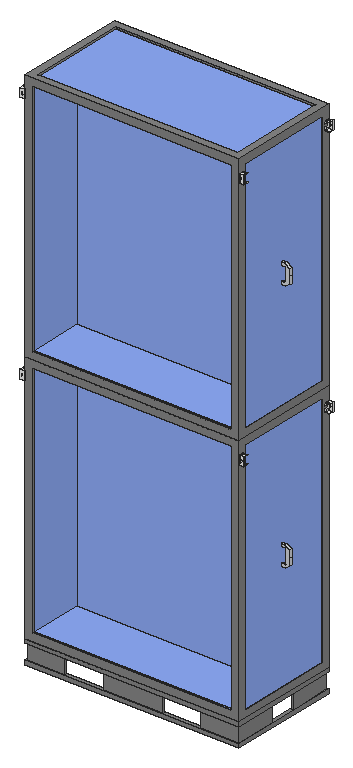
Revit family "16.1 Разделительная секция с двумя заслонками ANR S4", category Оборудование, Revit 2016
Family settings
  Тип детали = Нормальный
  Размер круглого соединителя = Использовать диаметр
  На основе рабочей плоскости = Нет
  Всегда вертикально = Да
  При загрузке вырезать с полостями = Нет
  Общий = Нет
  Точка расчета площади = Нет
Parameters (values of type "ANR 7 S4")
  центр = Середина / 2  # 648.25 mm
  Ширина = А1 - 56 mm  # 1024 mm
  Синий = Синий
  Середина = Б / 2  # 1296.5 mm
  Д1 = Д - 20 mm  # 555 mm
  Д = 575 mm
  ножки(да/нет) [instance] = no
  Высота = Б1 - 56 mm  # 1220.5 mm
  Б1 = Середина - 20 mm  # 1276.5 mm
  А1 = А - 20 mm  # 1080 mm
  А = 1100 mm
  высота ножек = 120 mm
  Б = 2593 mm
  Частотный преобразователь [instance] = no
  Частота вращения n, об/мин = ""
  Тип, марка, обозначение = "ANR 7 S4"
  Сила тока J, А = ""
  Регулятор расхода [instance] = no
  Раздел = "ОВ"
  Примечание = ""
  Позиция = ""
  Напряжение U,В = ""
  Наименование и тех.хар-ка = "Разделительная секция с двумя заслонками"  # constant formula
  Мощность двигателя N,Вт = ""
  Материал = Сталь серая
  Масса единицы = ""
  Код, оборудования = ""
  Ключевая пометка = "Вентиляция"
  Задание электрикам [instance] = no
  Задание автоматчикам [instance] = no
  Завод изготовитель = "KORF"  # constant formula
  Единица измерения = "шт."  # constant formula
  h = высота ножек + 10 mm  # 130 mm
Types (6, lengths in mm): name | центр | Ширина | Середина | Д1 | Д | Высота | Б1 | А1 | А | Б | Тип, марка, обозначение
  ANR 6 S4 | 538.25 | 1024 | 1076.5 | 555 | 575 | 1000.5 | 1056.5 | 1080 | 1100 | 2153 | "ANR 6 S4"
  ANR 7 S4 | 648.25 | 1024 | 1296.5 | 555 | 575 | 1220.5 | 1276.5 | 1080 | 1100 | 2593 | "ANR 7 S4"
  ANR 8 S4 | 648.25 | 1244 | 1296.5 | 555 | 575 | 1220.5 | 1276.5 | 1300 | 1320 | 2593 | "ANR 8 S4"
  ANR 12 S4 | 705.75 | 1359 | 1411.5 | 1080 | 1100 | 1335.5 | 1391.5 | 1415 | 1435 | 2823 | "ANR 12 S4"
  ANR 20 S4 | 818.25 | 1584 | 1636.5 | 1080 | 1100 | 1560.5 | 1616.5 | 1640 | 1660 | 3273 | "ANR 20 S4"
  ANR 25 S4 | 1010.75 | 1969 | 2021.5 | 1080 | 1100 | 1945.5 | 2001.5 | 2025 | 2045 | 4043 | "ANR 25 S4"
Reference planes
  plane 1 "По центру (Вперед/Назад)": y = 0
  plane 2: z = 0
  plane 3 "По центру (Влево/Вправо)": x = 0
  plane 4: x = -540
  plane 5: x = 540
  plane 6: y = 277.5
  plane 7: y = -277.5
  plane 8: z = 1406.5
  plane 9: z = 130
  plane 10: y = -70.418
  plane 11: z = 1416.5
  plane 12: x = 590
  plane 13: y = 70.418
  plane 14: z = 120
  plane 15: z = 1306.5
  plane 16: z = 2713
  plane 17: z = 768.25
  plane 18: z = 715.22
  plane 19: z = 2703
  plane 20: z = 1426.5
  plane 21: z = 2603
  plane 22: z = 2064.75
  plane 23: z = 2011.75
  plane 24: x = 512.5
  plane 25: x = 731.384
  plane 26: z = 3965.5
  plane 27: z = 164
  plane 28: x = -731.384
Forms (mm)
  Extrusion 1, solid, material "Синий" <- "Синий", detail levels fine
    sketch origin (0, 0, 50) x (1, 0, 0) y (0, 1, 0)
      loop
        line (-540, 277.5) -> (-540, -277.5) -> (540, -277.5) -> (540, 277.5) -> (-540, 277.5)
    from 80 to 1356.5
  Sweep 2, solid, material "Сталь серая" <- "Материал", detail levels fine
    path origin (540, -277.5, 50) x (-1, 0, 0) y (0, 0, -1)
      loop
        line (0, -1356.5) -> (1080, -1356.5) -> (1080, -80) -> (0, -80) -> (0, -1356.5)
    profile "Профиль уголок 10х10 : Профиль уголок 10х10" origin (0, -277.5, 1406.5) x (0, 0, -1) y (0, -1, 0)
      loop
        line (0, -27.5) -> (0, 0) -> (27.5, 0) -> (27.5, 10) -> (-10, 10) -> (-10, -27.5) -> (0, -27.5)
  Sweep 3, solid, material "Сталь серая" <- "Материал", detail levels fine
    path origin (-540, 277.5, 50) x (1, 0, 0) y (0, 0, -1)
      loop
        line (0, -1356.5) -> (1080, -1356.5) -> (1080, -80) -> (0, -80) -> (0, -1356.5)
    profile "Профиль уголок 10х10 : Профиль уголок 10х10" origin (0, 277.5, 1406.5) x (0, 0, -1) y (0, 1, 0)
      loop
        line (0, -27.5) -> (0, 0) -> (27.5, 0) -> (27.5, 10) -> (-10, 10) -> (-10, -27.5) -> (0, -27.5)
  Sweep 4, solid, material "Сталь серая" <- "Материал", detail levels fine
    path origin (540, 277.5, 50) x (0, -1, 0) y (0, 0, -1)
      loop
        line (0, -1356.5) -> (555, -1356.5) -> (555, -80) -> (0, -80) -> (0, -1356.5)
    profile "Профиль уголок 10х10 : Профиль уголок 10х10" origin (540, 0, 1406.5) x (0, 0, -1) y (1, 0, 0)
      loop
        line (0, -27.5) -> (0, 0) -> (27.5, 0) -> (27.5, 10) -> (-10, 10) -> (-10, -27.5) -> (0, -27.5)
  Sweep 5, solid, material "Сталь серая" <- "Материал", detail levels fine
    path origin (-540, -277.5, 50) x (0, 1, 0) y (0, 0, -1)
      loop
        line (0, -1356.5) -> (555, -1356.5) -> (555, -80) -> (0, -80) -> (0, -1356.5)
    profile "Профиль уголок 10х10 : Профиль уголок 10х10" origin (-540, 0, 1406.5) x (0, 0, -1) y (-1, 0, 0)
      loop
        line (0, -27.5) -> (0, 0) -> (27.5, 0) -> (27.5, 10) -> (-10, 10) -> (-10, -27.5) -> (0, -27.5)
  Extrusion 6, void, not visible
    sketch origin (-345, -245, 50) x (0, -1, 0) y (0, 0, -1)
      loop
        line (-477.965, -475) -> (-477.965, -450) -> (-528.913, -450) -> (-528.913, -475) -> (-477.965, -475)
    from -47.452 to 12
  Sweep 7, solid, material "Сталь серая" <- "Материал", detail levels fine
    path origin (0, 0, 0) x (1, 0, 0) y (0, 1, 0)
      loop
        line (-540, 277.5) -> (-540, -277.5) -> (540, -277.5) -> (540, 277.5) -> (-540, 277.5)
    profile "Семейство1 : Семейство1" origin (0, 277.5, 0) x (0, 1, 0) y (0, 0, 1)
      loop
        line (-10, 120) -> (-10, 100) -> (-3.38, 100) -> (-3.38, 20) -> (-10, 20) -> (-10, 0) -> (10, 0) -> (10, 20) -> (3.38, 20) -> (3.38, 100) -> (10, 100) -> (10, 120) -> (-10, 120)
  Extrusion 8, void
    sketch origin (0, 0, 0) x (1, 0, 0) y (0, 0, 1)
      loop
        line (152.369, 100) -> (152.369, 20) -> (348.798, 20) -> (348.798, 100) -> (152.369, 100)
      loop
        line (-152.369, 100) -> (-348.798, 100) -> (-348.798, 20) -> (-152.369, 20) -> (-152.369, 100)
    from -287.5 to 287.5
  Extrusion 9, void
    sketch origin (0, 0, 0) x (0, 1, 0) y (0, 0, 1)
      loop
        line (-70.418, 100) -> (-70.418, 20) -> (70.418, 20) -> (70.418, 100) -> (-70.418, 100)
    from -550 to 1700
  Extrusion 10, solid, material "Синий" <- "Синий", detail levels fine
    sketch origin (0, 0, 1130) x (1, 0, 0) y (0, 1, 0)
      loop
        line (-540, 277.5) -> (-540, -277.5) -> (540, -277.5) -> (540, 277.5) -> (-540, 277.5)
    from 296.5 to 1573
  Sweep 11, solid, material "Сталь серая" <- "Материал", detail levels fine
    path origin (540, -277.5, 1130) x (-1, 0, 0) y (0, 0, -1)
      loop
        line (0, -1573) -> (1080, -1573) -> (1080, -296.5) -> (0, -296.5) -> (0, -1573)
    profile "Профиль уголок 10х10 : Профиль уголок 10х10" origin (0, -277.5, 2703) x (0, 0, -1) y (0, -1, 0)
      loop
        line (0, -27.5) -> (0, 0) -> (27.5, 0) -> (27.5, 10) -> (-10, 10) -> (-10, -27.5) -> (0, -27.5)
  Sweep 12, solid, material "Сталь серая" <- "Материал", detail levels fine
    path origin (-540, 277.5, 1130) x (1, 0, 0) y (0, 0, -1)
      loop
        line (0, -1573) -> (1080, -1573) -> (1080, -296.5) -> (0, -296.5) -> (0, -1573)
    profile "Профиль уголок 10х10 : Профиль уголок 10х10" origin (0, 277.5, 2703) x (0, 0, -1) y (0, 1, 0)
      loop
        line (0, -27.5) -> (0, 0) -> (27.5, 0) -> (27.5, 10) -> (-10, 10) -> (-10, -27.5) -> (0, -27.5)
  Sweep 13, solid, material "Сталь серая" <- "Материал", detail levels fine
    path origin (540, 277.5, 1130) x (0, -1, 0) y (0, 0, -1)
      loop
        line (0, -1573) -> (555, -1573) -> (555, -296.5) -> (0, -296.5) -> (0, -1573)
    profile "Профиль уголок 10х10 : Профиль уголок 10х10" origin (540, 0, 2703) x (0, 0, -1) y (1, 0, 0)
      loop
        line (0, -27.5) -> (0, 0) -> (27.5, 0) -> (27.5, 10) -> (-10, 10) -> (-10, -27.5) -> (0, -27.5)
  Sweep 14, solid, material "Сталь серая" <- "Материал", detail levels fine
    path origin (-540, -277.5, 1130) x (0, 1, 0) y (0, 0, -1)
      loop
        line (0, -1573) -> (555, -1573) -> (555, -296.5) -> (0, -296.5) -> (0, -1573)
    profile "Профиль уголок 10х10 : Профиль уголок 10х10" origin (-540, 0, 2703) x (0, 0, -1) y (-1, 0, 0)
      loop
        line (0, -27.5) -> (0, 0) -> (27.5, 0) -> (27.5, 10) -> (-10, 10) -> (-10, -27.5) -> (0, -27.5)
  Extrusion 15, void
    sketch origin (0, 0, 0) x (1, 0, 0) y (0, 0, 1)
      loop
        line (-512.5, 2675.5) -> (-512.5, 1454) -> (512.5, 1454) -> (512.5, 2675.5) -> (-512.5, 2675.5)
      loop
        line (-512.5, 1379) -> (-512.5, 157.5) -> (512.5, 157.5) -> (512.5, 1379) -> (-512.5, 1379)
    from 0 to 277.5
Cuts and joins
  joined: Sweep 2, Sweep 3, Sweep 4, Sweep 5
  Extrusion 8, Extrusion 9 cuts Sweep 7
  joined: Sweep 11, Sweep 12, Sweep 13, Sweep 14
  Extrusion 15 cuts Extrusion 1
  Extrusion 15 cuts Extrusion 10
Lines and regions (mm)
  model lines, detail levels coarse
    curve 1: line (-550, 287.5, 0) -> (550, 287.5, 0)
    curve 2: line (-550, -287.5, 0) -> (-550, 287.5, 0)
    curve 3: line (550, -287.5, 0) -> (-550, -287.5, 0)
    curve 4: line (550, 287.5, 0) -> (550, -287.5, 0)
    curve 5: line (-550, 127.5, 0) -> (550, 127.5, 0)
    curve 6: circle (9.531, 188.57, 0) r 30 normal (0, 0, 1)
    curve 7: line (-38.198, 140.84, 0) -> (57.261, 236.299, 0)
    curve 8: circle (-160.469, 188.57, 0) r 30 normal (0, 0, 1)
    curve 9: line (-208.198, 140.84, 0) -> (-112.739, 236.299, 0)
    curve 10: circle (-330.469, 188.57, 0) r 30 normal (0, 0, 1)
    curve 11: line (-378.198, 140.84, 0) -> (-282.739, 236.299, 0)
    curve 12: circle (349.531, 188.57, 0) r 30 normal (0, 0, 1)
    curve 13: line (301.802, 140.84, 0) -> (397.261, 236.299, 0)
    curve 14: circle (179.531, 188.57, 0) r 30 normal (0, 0, 1)
    curve 15: line (131.802, 140.84, 0) -> (227.261, 236.299, 0)
  model lines, not visible, detail levels coarse
    curve 16: circle (0, 187.489, 0) r 30 normal (0, 0, 1)
    curve 17: line (-47.73, 139.759, 0) -> (47.73, 235.219, 0)
    curve 18: circle (-170, 187.489, 0) r 30 normal (0, 0, 1)
    curve 19: line (-217.73, 139.759, 0) -> (-122.27, 235.219, 0)
    curve 20: circle (-340, 187.489, 0) r 30 normal (0, 0, 1)
    curve 21: line (-387.73, 139.759, 0) -> (-292.27, 235.219, 0)
    curve 22: circle (340, 187.489, 0) r 30 normal (0, 0, 1)
    curve 23: line (292.27, 139.759, 0) -> (387.73, 235.219, 0)
    curve 24: circle (170, 187.489, 0) r 30 normal (0, 0, 1)
    curve 25: line (122.27, 139.759, 0) -> (217.73, 235.219, 0)
  model lines, detail levels medium
    curve 26: line (0, 287.5, 2713) -> (0, -287.5, 2713)
    curve 27: line (0, 287.5, 1416.5) -> (0, 287.5, 2713)
    curve 28: line (0, -287.5, 1416.5) -> (0, 287.5, 1416.5)
    curve 29: line (0, -287.5, 2713) -> (0, -287.5, 1416.5)
    curve 30: line (0, 287.5, 1416.5) -> (0, 287.5, 120)
    curve 31: line (0, 287.5, 120) -> (0, -287.5, 120)
    curve 32: line (0, -287.5, 120) -> (0, -287.5, 1416.5)
    curve 33: circle (0, 106.177, 1639.75) r 40 normal (1, 0, 0)
    curve 34: line (0, 150.711, 1597.092) -> (0, 58.787, 1689.016)
    curve 35: circle (0, 106.177, 1809.75) r 40 normal (1, 0, 0)
    curve 36: line (0, 150.711, 1767.092) -> (0, 58.787, 1859.016)
    curve 37: circle (0, 106.177, 1979.75) r 40 normal (1, 0, 0)
    curve 38: line (0, 150.711, 1937.092) -> (0, 58.787, 2029.016)
    curve 39: circle (0, 106.177, 2149.75) r 40 normal (1, 0, 0)
    curve 40: line (0, 150.711, 2107.092) -> (0, 58.787, 2199.016)
    curve 41: circle (0, 106.177, 2319.75) r 40 normal (1, 0, 0)
    curve 42: line (0, 150.711, 2277.092) -> (0, 58.787, 2369.016)
    curve 43: circle (0, 106.177, 2489.75) r 40 normal (1, 0, 0)
    curve 44: line (0, 150.711, 2447.092) -> (0, 58.787, 2539.016)
    curve 69: line (0, 106.177, 2064.75) -> (0, 94.52, 2064.75)
    curve 71: circle (0, 106.177, 343.25) r 40 normal (1, 0, 0)
    curve 72: line (0, 150.711, 300.592) -> (0, 58.787, 392.516)
    curve 73: circle (0, 106.177, 513.25) r 40 normal (1, 0, 0)
    curve 74: line (0, 150.711, 470.592) -> (0, 58.787, 562.516)
    curve 75: circle (0, 106.177, 683.25) r 40 normal (1, 0, 0)
    curve 76: line (0, 150.711, 640.592) -> (0, 58.787, 732.516)
    curve 77: circle (0, 106.177, 853.25) r 40 normal (1, 0, 0)
    curve 78: line (0, 150.711, 810.592) -> (0, 58.787, 902.516)
    curve 79: circle (0, 106.177, 1023.25) r 40 normal (1, 0, 0)
    curve 80: line (0, 150.711, 980.592) -> (0, 58.787, 1072.516)
    curve 81: circle (0, 106.177, 1193.25) r 40 normal (1, 0, 0)
    curve 82: line (0, 150.711, 1150.592) -> (0, 58.787, 1242.516)
    curve 83: line (0, 106.177, 768.25) -> (0, 94.52, 768.25)
  model lines, not visible, detail levels medium
    curve 45: circle (0, 0, 1307.967) r 40 normal (1, 0, 0)
    curve 46: line (0, 44.534, 1265.309) -> (0, -47.39, 1357.233)
    curve 47: circle (0, 0, 1477.967) r 40 normal (1, 0, 0)
    curve 48: line (0, 44.534, 1435.309) -> (0, -47.39, 1527.233)
    curve 49: circle (0, 0, 1647.967) r 40 normal (1, 0, 0)
    curve 50: line (0, 44.534, 1605.309) -> (0, -47.39, 1697.233)
    curve 51: circle (0, 0, 1817.967) r 40 normal (1, 0, 0)
    curve 52: line (0, 44.534, 1775.309) -> (0, -47.39, 1867.233)
    curve 53: circle (0, 0, 1987.967) r 40 normal (1, 0, 0)
    curve 54: line (0, 44.534, 1945.309) -> (0, -47.39, 2037.233)
    curve 55: circle (0, 0, 2157.967) r 40 normal (1, 0, 0)
    curve 56: line (0, 44.534, 2115.309) -> (0, -47.39, 2207.233)
    curve 70: line (0, 0, 1732.967) -> (0, -11.656, 1732.967)
  model lines, not visible
    curve 57: circle (0, 0, 231.467) r 40 normal (1, 0, 0)
    curve 58: line (0, 44.534, 188.809) -> (0, -47.39, 280.733)
    curve 59: circle (0, 0, 401.467) r 40 normal (1, 0, 0)
    curve 60: line (0, 44.534, 358.809) -> (0, -47.39, 450.733)
    curve 61: circle (0, 0, 571.467) r 40 normal (1, 0, 0)
    curve 62: line (0, 44.534, 528.809) -> (0, -47.39, 620.733)
    curve 63: circle (0, 0, 741.467) r 40 normal (1, 0, 0)
    curve 64: line (0, 44.534, 698.809) -> (0, -47.39, 790.733)
    curve 65: circle (0, 0, 911.467) r 40 normal (1, 0, 0)
    curve 66: line (0, 44.534, 868.809) -> (0, -47.39, 960.733)
    curve 67: circle (0, 0, 1081.467) r 40 normal (1, 0, 0)
    curve 68: line (0, 44.534, 1038.809) -> (0, -47.39, 1130.733)
Dimensions and locks
  equal spacing: plane 6, plane 1 "По центру (Вперед/Назад)", plane 7
  "Д1": plane 6 to plane 7
  equal spacing: plane 4, plane 3 "По центру (Влево/Вправо)", plane 5
  "А1": plane 4 to plane 5
  "h": plane 9 to level
  cut or joined group of Sweep 2, Sweep 3, Sweep 4, Sweep 5 to level = 120 mm
  locked: plane 3 "По центру (Влево/Вправо)" to cut or joined group of Sweep 7, Extrusion 8, Extrusion 9 at 152.369
  locked: cut or joined group of Sweep 7, Extrusion 8, Extrusion 9 to plane 3 "По центру (Влево/Вправо)" at 152.369
  locked: plane 12 to plane 5 at 50
  plane 1 "По центру (Вперед/Назад)" to plane 7 = 277.5 mm
  plane 6 to plane 1 "По центру (Вперед/Назад)" = 277.5 mm
  equal spacing: plane 10, plane 1 "По центру (Вперед/Назад)", plane 13, locked at 70.418 each
  locked: plane 9 to plane 14 at 10
  "Б1": plane 8 to plane 9
  locked: plane 8 to plane 15 at 100
  "Б": plane 16 to plane 14
  "Середина": plane 11 to plane 14
  "центр": plane 17 to plane 14
  locked: plane 17 to plane 18 at 53.03
  "Б1": plane 19 to plane 20
  locked: plane 19 to plane 21 at 100
  locked: plane 20 to plane 8 at 20
  "центр": plane 22 to plane 11
  locked: plane 22 to plane 23 at 53
  cut or joined group of Sweep 11, Sweep 12, Sweep 13, Sweep 14 to Extrusion 10 = 27.5 mm
  locked: plane 24 to plane 5 at 27.5
  equal spacing: plane 27, plane 22, plane 26
  equal spacing: plane 28, plane 3 "По центру (Влево/Вправо)", plane 25
  aligned and locked: level to plane 2
  aligned and locked: plane 6 to Extrusion 1
  aligned and locked: plane 5 to Extrusion 1
  aligned and locked: Extrusion 1 to plane 7
  aligned and locked: Extrusion 1 to plane 4
  aligned and locked: plane 8 to Extrusion 1
  aligned and locked: Extrusion 1 to plane 9
  aligned and locked: Sweep 4 sketch curve to Extrusion 1  (x2)
  aligned and locked: Sweep 5 sketch curve to Extrusion 1  (x2)
  aligned and locked: Sweep 7 sketch curve to Extrusion 1  (x4)
  aligned and locked: Sweep 7 to Extrusion 8  (x2)
  aligned and locked: cut or joined group of Sweep 2, Sweep 3, Sweep 4, Sweep 5 to Extrusion 9
  aligned and locked: nested 3 to cut or joined group of Sweep 2, Sweep 3, Sweep 4, Sweep 5  (x2)
  aligned and locked: cut or joined group of Sweep 2, Sweep 3, Sweep 4, Sweep 5 to nested 4
  aligned and locked: cut or joined group of Sweep 2, Sweep 3, Sweep 4, Sweep 5 to nested 3
  aligned and locked: cut or joined group of Sweep 2, Sweep 3, Sweep 4, Sweep 5 to nested 6
  aligned and locked: nested 5 to cut or joined group of Sweep 2, Sweep 3, Sweep 4, Sweep 5
  aligned and locked: nested 2 to plane 12
  aligned and locked: nested 6 to cut or joined group of Sweep 2, Sweep 3, Sweep 4, Sweep 5
  aligned and locked: cut or joined group of Sweep 2, Sweep 3, Sweep 4, Sweep 5 to nested 5
  aligned and locked: plane 1 "По центру (Вперед/Назад)" to nested 2
  aligned and locked: plane 10 to Extrusion 9 sketch curve
  aligned and locked: plane 13 to Extrusion 9 sketch curve
  aligned and locked: plane 15 to nested 5
  aligned and locked: nested 6 to plane 15
  aligned and locked: nested 3 to plane 15
  aligned and locked: plane 15 to nested 4
  aligned and locked: plane 18 to nested 2
  aligned and locked: plane 19 to Extrusion 10
  aligned and locked: Extrusion 10 to plane 20
  aligned and locked: Sweep 13 sketch curve to Extrusion 10  (x2)
  aligned and locked: Sweep 14 sketch curve to Extrusion 10  (x2)
  aligned and locked: plane 21 to nested 10
  aligned and locked: nested 11 to plane 21
  aligned and locked: nested 8 to plane 21
  aligned and locked: plane 21 to nested 9
  aligned and locked: nested 7 to plane 12
  aligned and locked: plane 23 to nested 7
  aligned and locked: nested 11 to cut or joined group of Sweep 11, Sweep 12, Sweep 13, Sweep 14  (x2)
  aligned and locked: cut or joined group of Sweep 11, Sweep 12, Sweep 13, Sweep 14 to nested 10  (x2)
  aligned and locked: nested 8 to cut or joined group of Sweep 11, Sweep 12, Sweep 13, Sweep 14  (x2)
  aligned and locked: cut or joined group of Sweep 11, Sweep 12, Sweep 13, Sweep 14 to nested 9  (x2)
  aligned and locked: Extrusion 15 sketch curve to cut or joined group of Sweep 11, Sweep 12, Sweep 13, Sweep 14  (x3)
  aligned and locked: cut or joined group of Sweep 11, Sweep 12, Sweep 13, Sweep 14 to Extrusion 15 sketch curve
  aligned and locked: Extrusion 15 sketch curve to cut or joined group of Sweep 2, Sweep 3, Sweep 4, Sweep 5  (x3)
  aligned and locked: cut or joined group of Sweep 2, Sweep 3, Sweep 4, Sweep 5 to Extrusion 15 sketch curve
  aligned and locked: Extrusion 1 to Extrusion 15
  aligned and locked: curve 2 to cut or joined group of Sweep 2, Sweep 3, Sweep 4, Sweep 5
  aligned and locked: curve 3 to cut or joined group of Sweep 11, Sweep 12, Sweep 13, Sweep 14
  aligned and locked: curve 4 to cut or joined group of Sweep 11, Sweep 12, Sweep 13, Sweep 14
  aligned and locked: curve 26 to cut or joined group of Sweep 11, Sweep 12, Sweep 13, Sweep 14
  aligned and locked: curve 27 to cut or joined group of Sweep 11, Sweep 12, Sweep 13, Sweep 14
  aligned and locked: cut or joined group of Sweep 11, Sweep 12, Sweep 13, Sweep 14 to curve 28
  aligned and locked: curve 29 to cut or joined group of Sweep 11, Sweep 12, Sweep 13, Sweep 14
  aligned and locked: plane 22 to curve 69
  aligned and locked: plane 17 to curve 83
Automatic sketch dimensions
  Extrusion 6 sketch curve to Extrusion 6 sketch curve = 50.949 mm
  Extrusion 6 sketch curve to Extrusion 6 sketch curve = 25 mm
  level to Extrusion 9 sketch curve = 20 mm
  plane 14 to Extrusion 9 sketch curve = 20 mm
  curve 37 to curve 35 = 0 mm
  curve 39 to curve 37 = 0 mm
  curve 41 to curve 39 = 0 mm
  curve 33 to curve 35 = 0 mm
  curve 43 to curve 41 = 0 mm
  curve 33 to curve 35 = 170 mm
  curve 35 to curve 37 = 170 mm
  curve 37 to curve 39 = 170 mm
  curve 39 to curve 41 = 170 mm
  curve 41 to curve 43 = 170 mm
  curve 40 to curve 39 = 47.39 mm
  curve 36 to curve 35 = 47.39 mm
  curve 38 to curve 69 = 35.734 mm  (x2)
  curve 42 to curve 41 = 47.39 mm
  curve 34 to curve 33 = 47.39 mm
  curve 44 to curve 43 = 47.39 mm
  curve 69 to curve 69 = 11.656 mm
  curve 33 to curve 34 = 44.534 mm
  curve 41 to curve 42 = 44.534 mm
  curve 35 to curve 36 = 44.534 mm
  curve 37 to curve 38 = 44.534 mm
  curve 43 to curve 44 = 44.534 mm
  curve 34 to curve 33 = 42.658 mm
  curve 33 to curve 34 = 49.266 mm
  curve 36 to curve 35 = 42.658 mm
  curve 35 to curve 36 = 49.266 mm
  curve 38 to curve 37 = 42.658 mm
  curve 69 to curve 40 = 42.342 mm
  curve 39 to curve 40 = 49.266 mm
  curve 42 to curve 41 = 42.658 mm
  curve 41 to curve 42 = 49.266 mm
  curve 44 to curve 43 = 42.658 mm
  curve 43 to curve 44 = 49.266 mm
  curve 69 to curve 39 = 11.656 mm
  curve 69 to curve 40 = 44.534 mm
  curve 37 to curve 38 = 49.266 mm
  curve 49 to curve 47 = 0 mm
  curve 51 to curve 49 = 0 mm
  curve 53 to curve 51 = 0 mm
  curve 45 to curve 47 = 0 mm
  curve 55 to curve 53 = 0 mm
  curve 45 to curve 47 = 170 mm
  curve 47 to curve 49 = 170 mm
  curve 49 to curve 51 = 170 mm
  curve 51 to curve 53 = 170 mm
  curve 53 to curve 55 = 170 mm
  curve 52 to curve 51 = 47.39 mm
  curve 48 to curve 47 = 47.39 mm
  curve 50 to curve 70 = 35.734 mm  (x2)
  curve 54 to curve 53 = 47.39 mm
  curve 46 to curve 45 = 47.39 mm
  curve 56 to curve 55 = 47.39 mm
  curve 70 to curve 70 = 11.656 mm
  curve 45 to curve 46 = 44.534 mm
  curve 53 to curve 54 = 44.534 mm
  curve 47 to curve 48 = 44.534 mm
  curve 49 to curve 50 = 44.534 mm
  curve 55 to curve 56 = 44.534 mm
  curve 46 to curve 45 = 42.658 mm
  curve 45 to curve 46 = 49.266 mm
  curve 48 to curve 47 = 42.658 mm
  curve 47 to curve 48 = 49.266 mm
  curve 50 to curve 49 = 42.658 mm
  curve 70 to curve 52 = 42.342 mm
  curve 51 to curve 52 = 49.266 mm
  curve 54 to curve 53 = 42.658 mm
  curve 53 to curve 54 = 49.266 mm
  curve 56 to curve 55 = 42.658 mm
  curve 55 to curve 56 = 49.266 mm
  curve 70 to curve 51 = 11.656 mm
  curve 70 to curve 52 = 44.534 mm
  curve 49 to curve 50 = 49.266 mm
  curve 75 to curve 73 = 0 mm
  curve 77 to curve 75 = 0 mm
  curve 79 to curve 77 = 0 mm
  curve 71 to curve 73 = 0 mm
  curve 81 to curve 79 = 0 mm
  curve 71 to curve 73 = 170 mm
  curve 73 to curve 75 = 170 mm
  curve 75 to curve 77 = 170 mm
  curve 77 to curve 79 = 170 mm
  curve 79 to curve 81 = 170 mm
  curve 78 to curve 77 = 47.39 mm
  curve 74 to curve 73 = 47.39 mm
  curve 76 to curve 83 = 35.734 mm  (x2)
  curve 80 to curve 79 = 47.39 mm
  curve 72 to curve 71 = 47.39 mm
  curve 82 to curve 81 = 47.39 mm
  curve 83 to curve 83 = 11.656 mm
  curve 71 to curve 72 = 44.534 mm
  curve 79 to curve 80 = 44.534 mm
  curve 73 to curve 74 = 44.534 mm
  curve 75 to curve 76 = 44.534 mm
  curve 81 to curve 82 = 44.534 mm
  curve 72 to curve 71 = 42.658 mm
  curve 71 to curve 72 = 49.266 mm
  curve 74 to curve 73 = 42.658 mm
  curve 73 to curve 74 = 49.266 mm
  curve 76 to curve 75 = 42.658 mm
  curve 83 to curve 78 = 42.342 mm
  curve 77 to curve 78 = 49.266 mm
  curve 80 to curve 79 = 42.658 mm
  curve 79 to curve 80 = 49.266 mm
  curve 82 to curve 81 = 42.658 mm
  curve 81 to curve 82 = 49.266 mm
  curve 83 to curve 77 = 11.656 mm
  curve 83 to curve 78 = 44.534 mm
  curve 75 to curve 76 = 49.266 mm
  plane 14 to curve 31 = 0 mm
  curve 32 to plane 11 = 0 mm
  curve 32 to plane 7 = 10 mm
  plane 6 to curve 2 = 10 mm
  curve 5 to plane 1 "По центру (Вперед/Назад)" = 127.5 mm
  Extrusion 1 sketch curve to plane 4 = 0 mm
  Extrusion 1 sketch curve to plane 5 = 0 mm
  Extrusion 1 sketch curve to plane 7 = 0 mm
  Extrusion 1 sketch curve to plane 6 = 0 mm
  Sweep 2 sketch curve to Extrusion 1 = 0 mm  (x4)
  Sweep 3 sketch curve to Extrusion 1 = 0 mm  (x3)
  Extrusion 1 to Sweep 3 sketch curve = 0 mm
  Sweep 4 sketch curve to Extrusion 1 = 0 mm  (x2)
  Sweep 5 sketch curve to Extrusion 1 = 0 mm  (x2)
  plane 14 to Extrusion 8 sketch curve = 20 mm  (x2)
  plane 4 to Extrusion 8 sketch curve = 191.202 mm
  level to Extrusion 8 sketch curve = 20 mm  (x2)
  Extrusion 8 sketch curve to plane 3 "По центру (Влево/Вправо)" = 152.369 mm
  plane 3 "По центру (Влево/Вправо)" to Extrusion 8 sketch curve = 152.369 mm
  plane 24 to Extrusion 8 sketch curve = 163.702 mm
  Extrusion 10 sketch curve to plane 4 = 0 mm
  Extrusion 10 sketch curve to plane 5 = 0 mm
  Extrusion 10 sketch curve to plane 7 = 0 mm
  Extrusion 10 sketch curve to plane 6 = 0 mm
  Sweep 11 sketch curve to Extrusion 10 = 0 mm  (x4)
  Sweep 12 sketch curve to Extrusion 10 = 0 mm  (x3)
  Extrusion 10 to Sweep 12 sketch curve = 0 mm
  Sweep 13 sketch curve to Extrusion 10 = 0 mm  (x2)
  Sweep 14 sketch curve to Extrusion 10 = 0 mm  (x2)
  radius of curve 33 = 40 mm
  radius of curve 35 = 40 mm
  radius of curve 41 = 40 mm
  radius of curve 43 = 40 mm
  radius of curve 37 = 40 mm
  radius of curve 39 = 40 mm
  radius of curve 45 = 40 mm
  radius of curve 47 = 40 mm
  radius of curve 53 = 40 mm
  radius of curve 55 = 40 mm
  radius of curve 49 = 40 mm
  radius of curve 51 = 40 mm
  radius of curve 71 = 40 mm
  radius of curve 73 = 40 mm
  radius of curve 79 = 40 mm
  radius of curve 81 = 40 mm
  radius of curve 75 = 40 mm
  radius of curve 77 = 40 mm
Nested families
  nested 1: "крепление 15мм" at (-330, 229.965, 495), type "крепление 15мм", not visible
  nested 2: "Ручка" at (552.018, -10, 772.928), type "Ручка", detail levels fine
  nested 3: "крепеж" at (574.5, -287.5, 1306.5) x (-1, 0, 0) z (0, 0, 1), type "крепеж", detail levels fine
  nested 4: "крепеж" at (574.5, 287.5, 1306.5) x (-1, 0, 0) z (0, 0, 1), type "крепеж", detail levels fine
  nested 5: "крепеж" at (-574.5, -287.5, 1306.5), type "крепеж", detail levels fine
  nested 6: "крепеж" at (-574.5, 287.5, 1306.5), type "крепеж", detail levels fine
  nested 7: "Ручка" at (552.018, -10, 2069.458), type "Ручка", detail levels fine
  nested 8: "крепеж" at (574.5, -287.5, 2603) x (-1, 0, 0) z (0, 0, 1), type "крепеж", detail levels fine
  nested 9: "крепеж" at (574.5, 287.5, 2603) x (-1, 0, 0) z (0, 0, 1), type "крепеж", detail levels fine
  nested 10: "крепеж" at (-574.5, -287.5, 2603), type "крепеж", detail levels fine
  nested 11: "крепеж" at (-574.5, 287.5, 2603), type "крепеж", detail levels fine
Definition of nested family "крепление 15мм"
  Parameters (values of type "крепление 15мм")
    Материал крепления = none
  Reference planes
    plane 1 "По центру (Вперед/Назад)": y = 0
    plane 2: z = 0
    plane 3 "По центру (Влево/Вправо)": x = 0
  Forms (mm)
    Extrusion 1, solid, material <- "Материал крепления"
      sketch origin (0, 0, 0) x (1, 0, 0) y (0, 1, 0)
        loop
          line (-25, 0) -> (0, 0) -> (0, 18.31) -> (0, 25) -> (-3, 25) -> (-3, 3) -> (-25, 3) -> (-25, 0)
      from 0 to 30
    Extrusion 2, void
      sketch origin (0, 0, 0) x (1, 0, 0) y (0, 1, 0)
        loop
          line (-3, 3) -> (-3, 54.96) -> (-58, 54.96) -> (-58, 3) -> (-3, 3)
      from 0 to 15
  Cuts and joins
    Extrusion 2 cuts Extrusion 1
  Dimensions and locks
    Extrusion 1 sketch curve to Extrusion 1 sketch curve = 3 mm  (x2)
    Extrusion 1 sketch curve to Extrusion 1 sketch curve to plane 3 "По центру (Влево/Вправо)" = 25 mm, 0 mm
    Extrusion 1 sketch curve to Extrusion 1 sketch curve = 25 mm
    aligned and locked: level to plane 2
Definition of nested family "Ручка"
  Parameters (values of type "Ручка")
    материал ручки = none
  Reference planes
    plane 1 "По центру (Вперед/Назад)": y = 0
    plane 2: z = 0
    plane 3 "По центру (Влево/Вправо)": x = 0
    plane 4: x = -37.982
    plane 5: x = 37.982
  Forms (mm)
    Extrusion 1, solid, material <- "материал ручки", not visible
      sketch origin (-3.982, 0, -4.834) x (0, 0, 1) y (-1, 0, 0)
        loop
          line (-52.874, -42.815) -> (53.726, -42.815) -> (53.726, 8.783) -> (36.069, 34) -> (1.069, 34) -> (-36.069, 34) -> (-52.874, 10) -> (-52.874, -42.815)
      from 0 to 10
    Extrusion 2, void, not visible
      sketch origin (-3.982, 0, -4.834) x (0, 0, 1) y (-1, 0, 0)
        loop
          line (-37.219, -42.815) -> (37.781, -42.815) -> (37.781, 20.04) -> (-37.219, 20.04) -> (-37.219, -42.815)
      from 0 to 50
    Extrusion 3, solid, material <- "материал ручки"
      sketch origin (3.982, 0, -4.834) x (0, 0, 1) y (-1, 0, 0)
        loop
          line (-52.874, 42.815) -> (-52.874, -10) -> (-36.069, -34) -> (1.069, -34) -> (36.069, -34) -> (53.726, -8.783) -> (53.726, 42.815) -> (-52.874, 42.815)
      from 0 to 10
    Extrusion 4, void
      sketch origin (3.982, 0, -4.834) x (0, 0, 1) y (-1, 0, 0)
        loop
          line (-37.219, 42.815) -> (-37.219, -11.018) -> (37.781, -11.018) -> (37.781, 42.815) -> (-37.219, 42.815)
      from 0 to 50
  Cuts and joins
    Extrusion 4 cuts Extrusion 3
  Dimensions and locks
    aligned and locked: level to plane 2
Definition of nested family "крепеж"
  Parameters (values of type "крепеж")
    Материал крепежа = none
  Reference planes
    plane 1 "По центру (Вперед/Назад)": y = 0
    plane 2: z = 0
    plane 3 "По центру (Влево/Вправо)": x = 0
    plane 4: x = 24.5
    plane 5: z = 22.413
  Forms (mm)
    Extrusion 1, solid, material <- "Материал крепежа"
      sketch origin (0, 0, 0) x (0, 1, 0) y (0, 0, 1)
        loop
          line (0, 44.825) -> (-16.343, 44.825) -> (-24.468, 44.825) -> (-24.468, 42.95) -> (-1.968, 42.95) -> (-1.968, 1.657) -> (-24.468, 1.657) -> (-24.468, 0) -> (-16.343, 0) -> (0, 0) -> (0, 44.825)
      from 0 to 24.5
    Extrusion 2, void
      sketch origin (0.625, 0, -0.625) x (1, 0, 0) y (0, 0, 1)
        loop
          circle (11.121, 22.873) r 5
      from 0 to 250
    Extrusion 3, solid, material <- "Материал крепежа"
      sketch origin (0, 0, 0.175) x (1, 0, 0) y (0, 0, 1)
        loop
          line (24.5, 44.651) -> (22.651, 44.651) -> (22.651, -0.175) -> (24.5, -0.175) -> (24.5, 44.651)
      from 0 to 24.468
    Extrusion 4, void
      sketch origin (0, 0, 0) x (0, 1, 0) y (0, 0, 1)
        loop
          line (-24.468, 28.943) -> (-24.468, 15.882) -> (-9.468, 15.882) -> (-9.468, 28.943) -> (-24.468, 28.943)
      from 0 to 250
    Blend 5, solid
      base sketch origin (0, 0, 0) x (0, 1, 0) y (0, 0, 1)
        loop
          circle (-15.104, 36.823) r 4.161
      top sketch origin (0, 0, 0) x (0, 1, 0) y (0, 0, 1)
        loop
          circle (-15.104, 36.823) r 2.994
      from 22.651 to 19.241
    Blend 6, solid
      base sketch origin (0, 0, 44.825) x (0, 1, 0) y (0, 0, 1)
        loop
          circle (-15.104, -36.823) r 4.161
      top sketch origin (0, 0, 44.825) x (0, 1, 0) y (0, 0, 1)
        loop
          circle (-15.104, -36.823) r 2.994
      from 22.651 to 19.241
  Cuts and joins
    Extrusion 2, Extrusion 4 cuts Extrusion 1
    Extrusion 4 cuts Extrusion 3
    joined: Extrusion 1, Extrusion 3
  Dimensions and locks
    plane 3 "По центру (Влево/Вправо)" to plane 4 = 24.5 mm
    equal spacing: cut or joined group of Extrusion 1, Extrusion 2, Extrusion 3, Extrusion 4, plane 5, cut or joined group of Extrusion 1, Extrusion 2, Extrusion 3, Extrusion 4
    equal spacing: Extrusion 4 sketch curve, plane 5, Extrusion 4 sketch curve
    aligned and locked: level to plane 2
    aligned and locked: plane 4 to Extrusion 1
    aligned and locked: cut or joined group of Extrusion 1, Extrusion 2, Extrusion 3, Extrusion 4 to cut or joined group of Extrusion 1, Extrusion 2, Extrusion 3, Extrusion 4  (x3)
    aligned and locked: cut or joined group of Extrusion 1, Extrusion 2, Extrusion 3, Extrusion 4 to Blend 5
  Automatic sketch dimensions
    Extrusion 1 sketch curve to level = 0 mm
    Extrusion 1 sketch curve to plane 1 "По центру (Вперед/Назад)" = 0 mm
    plane 1 "По центру (Вперед/Назад)" to Extrusion 1 sketch curve = 1.968 mm
    Extrusion 1 sketch curve to Extrusion 1 sketch curve = 14.375 mm  (x2)
    level to Extrusion 1 sketch curve = 1.657 mm
    Extrusion 1 sketch curve to Extrusion 1 sketch curve = 8.125 mm  (x2)
    plane 5 to Extrusion 1 sketch curve = 20.538 mm
    Extrusion 1 sketch curve to Extrusion 1 sketch curve = 1.875 mm
    Extrusion 2 sketch curve to plane 5 = 0.165 mm
    plane 3 "По центру (Влево/Вправо)" to Extrusion 2 sketch curve = 11.746 mm
    Extrusion 3 sketch curve to level = 0 mm
    Extrusion 3 sketch curve to plane 4 = 0 mm
    Extrusion 3 sketch curve to Extrusion 3 sketch curve = 1.849 mm
    plane 5 to Extrusion 3 sketch curve = 22.413 mm
    Extrusion 4 sketch curve to plane 5 = 6.531 mm
    plane 1 "По центру (Вперед/Назад)" to Extrusion 4 sketch curve = 24.468 mm
    plane 1 "По центру (Вперед/Назад)" to Extrusion 4 sketch curve = 9.468 mm
    plane 1 "По центру (Вперед/Назад)" to Blend 5 sketch curve = 15.104 mm  (x2)
    plane 5 to Blend 5 sketch curve = 14.41 mm  (x2)
    Blend 6 sketch curve to plane 1 "По центру (Вперед/Назад)" = 15.104 mm  (x2)
    Blend 6 sketch curve to level = 8.002 mm  (x2)
    radius of Extrusion 2 sketch curve = 5 mm
    radius of Blend 5 sketch curve = 4.161 mm
    radius of Blend 5 sketch curve = 2.994 mm
    radius of Blend 6 sketch curve = 4.161 mm
    radius of Blend 6 sketch curve = 2.994 mm
